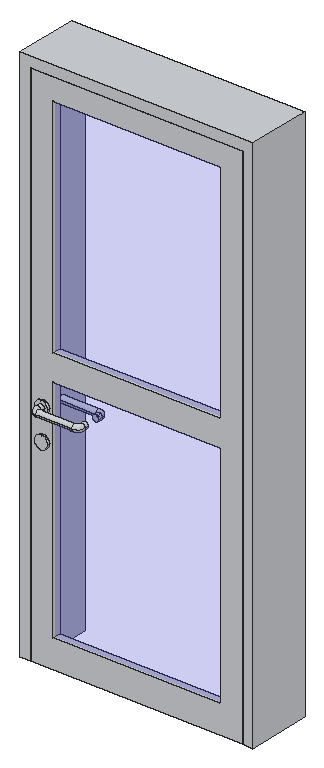
Revit family "Porta de entrada única sem revestimento", category Portas, Revit 2019
Family settings
  Hospedeiro = Parede
  Número OmniClass = 23.30.10.00
  Título OmniClass = Doors
  Sempre na vertical = Sim
  Corte com vazios quando carregada = Não
  Compartilhado = Não
  Ponto de cálculo do ambiente = Não
Parameters (values of type "900 x 2100mm")
  W1 = Width - 2 * Largura da estrutura + 20 mm  # 820 mm
  Visual Light Transmittance = 0
  Espessura = 35 mm
  Solar Heat Gain Coefficient = 0
  Rough Width = Width  # 900 mm
  Rough Height = Height  # 2100 mm
  Material do painel = none
  Largura da moldura do painel = 75 mm
  ID do tipo de construção = ""
  Coeficiente de transferência de calor (U) = 3.7021 W/(m²·K)
  Material do puxador = none
  Vidro = none
  Função = Exterior
  Largura da estrutura = 50 mm
  Height = 2100 mm
  Fechamento da parede = Por hospedeiro
  Width = 900 mm
  Material da moldura = none
  Construção analítica = Metal
Types (5, lengths in mm): name | W1 | Rough Width | Width
  (no name) | 820 | 900 | 900
  900 x 2100mm | 820 | 900 | 900
  800 x 2100mm | 720 | 800 | 800
  700 x 2100mm | 620 | 700 | 700
  600 x 2100mm | 520 | 600 | 600
Reference planes
  plane 1 "Centro (Frente/Trás)": y = 0
  plane 2 "Centro (Esquerda/Direita)": x = 0
  plane 3 "Esquerda": x = -450
  plane 4 "Direita": x = 450
  plane 5: z = 2100
  plane 6 "Exterior": y = 125
  plane 7 "Interior": y = -125
  plane 8: z = 1050
  plane 9: z = 0
  plane 10: z = 1100
  plane 11: z = 1000
  plane 12: y = -90
  plane 13: z = 110
  plane 14: x = 325
  plane 15: x = -325
  plane 16: x = 400
  plane 17: x = -400
  plane 18: z = 1975
  plane 19: x = 365
  plane 20: x = -365
  plane 21 "Vidro": y = -107.5
  plane 22: z = 2015
  plane 23: x = -365
  plane 24: z = 1060
  plane 25: z = 1040
  plane 26: z = 70
  plane 27: z = 2050
  plane 28: x = -375
  plane 29: x = 375
  plane 30: x = -375
  plane 31: z = 2025
  plane 32: z = 1025
  plane 33: x = -362.5
  plane 34: z = 900
Forms (mm)
  Extrusion 1, solid, material <- "Material do painel", detail levels medium
    sketch origin (0, -125, 0) x (1, 0, 0) y (0, 0, 1)
      loop
        line (400, 2050) -> (-400, 2050) -> (-400, 0) -> (400, 0) -> (400, 2050)
      loop
        line (325, 1975) -> (-325, 1975) -> (-325, 1100) -> (325, 1100) -> (325, 1975)
      loop
        line (325, 110) -> (325, 1000) -> (-325, 1000) -> (-325, 110) -> (325, 110)
    from -35 to 0
  Extrusion 2, solid, material <- "Vidro", detail levels medium+fine
    sketch origin (0, -107.5, 0) x (-1, 0, 0) y (0, 0, 1)
      loop
        line (365, 70) -> (365, 1040) -> (-365, 1040) -> (-365, 70) -> (365, 70)
      loop
        line (365, 1060) -> (365, 2015) -> (-365, 2015) -> (-365, 1060) -> (365, 1060)
    from -7 to 7
  Extrusion 3, solid, material <- "Vidro", detail levels fine
    sketch origin (0, -107.5, 0) x (-1, 0, 0) y (0, 0, 1)
      loop
        line (365, 70) -> (365, 1040) -> (-365, 1040) -> (-365, 70) -> (365, 70)
      loop
        line (365, 1060) -> (365, 2015) -> (-365, 2015) -> (-365, 1060) -> (365, 1060)
    from -7 to 7
  Extrusion 4, solid, material <- "Material do painel", detail levels coarse
    sketch origin (0, -125, 0) x (1, 0, 0) y (0, 0, 1)
      loop
        line (450, 2100) -> (-450, 2100) -> (-450, 0) -> (450, 0) -> (450, 2100)
      loop
        line (375, 2025) -> (-375, 2025) -> (-375, 1100) -> (375, 1100) -> (375, 2025)
      loop
        line (375, 110) -> (375, 1000) -> (-375, 1000) -> (-375, 110) -> (375, 110)
    from -35 to 0
  Extrusion 5, solid, material <- "Vidro", detail levels coarse
    sketch origin (0, -107.5, 0) x (-1, 0, 0) y (0, 0, 1)
      loop
        line (375, 70) -> (375, 1040) -> (-375, 1040) -> (-375, 70) -> (375, 70)
      loop
        line (375, 1060) -> (375, 2025) -> (-375, 2025) -> (-375, 1060) -> (375, 1060)
    from -7 to 7
  Sweep 6, solid, material <- "Material da moldura", detail levels medium
    path origin (0, -125, 0) x (1, 0, 0) y (0, 0, 1)
      loop
        line (-450, 0) -> (-450, 2100) -> (450, 2100) -> (450, 0)
    profile origin (450, -125, 1050) x (0, -1, 0) y (1, 0, 0)
      loop
        line (-250, -50) -> (0, -50) -> (0, 0) -> (-250, 0) -> (-250, -50)
  Sweep 7, solid, material <- "Material da moldura", detail levels fine
    path origin (0, -125, 0) x (1, 0, 0) y (0, 0, 1)
      loop
        line (-450, 0) -> (-450, 2100) -> (450, 2100) -> (450, 0)
    profile origin (450, -125, 1050) x (0, -1, 0) y (1, 0, 0)
      loop
        line (-250, -50) -> (-38, -50) -> (-38, -40) -> (0, -40) -> (0, 0) -> (-250, 0) -> (-250, -50)
  Extrusion 8, solid, material <- "Material do painel", detail levels fine
    sketch origin (0, -125, 0) x (1, 0, 0) y (0, 0, 1)
      loop
        line (410, 2060) -> (-410, 2060) -> (-410, 0) -> (410, 0) -> (410, 2060)
      loop
        line (325, 1975) -> (-325, 1975) -> (-325, 1100) -> (325, 1100) -> (325, 1975)
      loop
        line (325, 110) -> (325, 1000) -> (-325, 1000) -> (-325, 110) -> (325, 110)
    from -35 to 0
Lines and regions (mm)
  Opening 1
    outline origin (-3050, -125, 0) x (1, 0, 0) y (0, 0, 1)
      loop
        line (2600, 0) -> (3500, 0) -> (3500, 2100) -> (2600, 2100) -> (2600, 0)
  symbolic lines, style "DoorsGlassProjection", detail levels medium
    curve 1: line (0, -107.5, 1975) -> (0, -107.5, 1100)
    curve 6: line (0, -107.5, 1000) -> (0, -107.5, 110)
  symbolic lines, style "DoorsGlassProjection", detail levels fine
    curve 2: line (0, -114.5, 1975) -> (0, -114.5, 1100)
    curve 3: line (0, -100.5, 1975) -> (0, -100.5, 1100)
    curve 4: line (0, -114.5, 1000) -> (0, -114.5, 110)
    curve 5: line (0, -100.5, 1000) -> (0, -100.5, 110)
  symbolic lines, style "Giro da elevação", detail levels coarse
    curve 7: line (-450, -125, 1050) -> (450, -125, 2100)
    curve 8: line (-450, -125, 1050) -> (450, -125, 0)
  symbolic lines, style "Giro da elevação", detail levels medium+fine
    curve 9: line (400, -125, 2050) -> (-400, -125, 1025)
    curve 10: line (400, -125, 0) -> (-400, -125, 1025)
Text (mm)
  text "Externo" at (-2295.016, 1099.543, 0), in view "Nível de referência"
  text "Externo" at (0, 1615.38, 3698.081), in view "Esquerda"
  text "Externo" at (0, 1036.032, 3874.932), in view "Direita"
Dimensions and locks
  equal spacing: plane 3 "Esquerda", plane 2 "Centro (Esquerda/Direita)", plane 4 "Direita"
  "Width": plane 3 "Esquerda" to plane 4 "Direita"
  "Height": host wall to plane 5
  host wall to plane 5 = 2100 mm
  locked: plane 6 "Exterior" to host wall at 0
  locked: plane 7 "Interior" to host wall
  equal spacing: plane 9, plane 8, plane 5
  equal spacing: plane 11, plane 8, plane 10
  locked: plane 11 to plane 10 at 100
  "Espessura": plane 12 to plane 7 "Interior"
  locked: plane 9 to plane 13 at 110
  "Largura da estrutura": plane 16 to plane 4 "Direita"
  "Largura da estrutura": plane 3 "Esquerda" to plane 17
  locked: plane 14 to plane 19 at 40
  equal spacing: plane 12, plane 21 "Vidro", plane 7 "Interior"
  locked: plane 23 to plane 15 at 40
  plane 7 "Interior" to plane 6 "Exterior" = 250 mm
  "Largura da estrutura": plane 5 to plane 27
  locked: plane 18 to plane 22 at 40
  locked: plane 24 to plane 10 at 40
  locked: plane 11 to plane 25 at 40
  equal spacing: curve 3, plane 21 "Vidro", curve 2
  locked: curve 3 to curve 2 at 14
  "Largura da moldura do painel": plane 17 to plane 15
  "Largura da moldura do painel": plane 14 to plane 16
  "Largura da moldura do painel": plane 18 to plane 27
  locked: plane 26 to plane 13 at 40
  "Largura da moldura do painel": plane 29 to plane 4 "Direita"
  "Largura da moldura do painel": plane 3 "Esquerda" to plane 30
  "Largura da moldura do painel": plane 31 to plane 5
  equal spacing: plane 9, plane 32, plane 27
  equal spacing: plane 17, plane 33, plane 15
  locked: plane 16 to Sweep 7 sketch curve at 10
  locked: Sweep 7 sketch curve to plane 12 at 3
  locked: plane 9 to plane 34 at 900
  aligned and locked: plane 3 "Esquerda" to Opening 1 sketch curve
  aligned and locked: plane 5 to Opening 1 sketch curve  (x2)
  aligned and locked: Opening 1 sketch curve to plane 4 "Direita"
  aligned and locked: Opening 1 sketch curve to level
  aligned and locked: plane 1 "Centro (Frente/Trás)" to host wall
  aligned and locked: level to plane 9
  aligned and locked: plane 7 "Interior" to Extrusion 1
  aligned and locked: plane 12 to Extrusion 1
  aligned and locked: Extrusion 1 sketch curve to plane 18
  aligned and locked: Extrusion 1 sketch curve to plane 14  (x2)
  aligned and locked: Extrusion 1 sketch curve to plane 15  (x2)
  aligned and locked: Extrusion 1 sketch curve to plane 10
  aligned and locked: Extrusion 1 sketch curve to plane 11
  aligned and locked: plane 13 to Extrusion 1 sketch curve
  aligned and locked: plane 26 to Extrusion 2 sketch curve
  aligned and locked: plane 23 to Extrusion 2 sketch curve  (x2)
  aligned and locked: plane 25 to Extrusion 2 sketch curve
  aligned and locked: plane 19 to Extrusion 2 sketch curve  (x2)
  aligned and locked: plane 24 to Extrusion 2 sketch curve
  aligned and locked: Extrusion 2 sketch curve to plane 22
  aligned and locked: plane 9 to Extrusion 1 sketch curve
  aligned and locked: nested 1 to plane 21 "Vidro"
  aligned: plane 8 to nested 1
  aligned: nested 1 to plane 19
  aligned and locked: plane 21 "Vidro" to curve 1
  aligned and locked: Extrusion 3 sketch curve to plane 23  (x2)
  aligned and locked: Extrusion 1 sketch curve to plane 16
  aligned and locked: Extrusion 1 sketch curve to plane 17
  aligned and locked: Extrusion 1 sketch curve to plane 27
  aligned and locked: plane 4 "Direita" to Extrusion 4 sketch curve
  aligned and locked: plane 29 to Extrusion 4 sketch curve  (x2)
  aligned and locked: plane 5 to Extrusion 4 sketch curve
  aligned and locked: plane 31 to Extrusion 4 sketch curve
  aligned and locked: Extrusion 4 sketch curve to plane 3 "Esquerda"
  aligned and locked: plane 30 to Extrusion 4 sketch curve  (x2)
  aligned and locked: plane 29 to Extrusion 5 sketch curve  (x2)
  aligned and locked: plane 31 to Extrusion 5 sketch curve
  aligned and locked: plane 30 to Extrusion 5 sketch curve  (x2)
  aligned and locked: nested 2 to plane 7 "Interior"
  aligned and locked: nested 2 to plane 4 "Direita"
  aligned and locked: plane 33 to nested 1
  aligned and locked: plane 4 "Direita" to Sweep 6 sketch curve  (x2)
  aligned and locked: plane 5 to Sweep 6 sketch curve
  aligned and locked: plane 3 "Esquerda" to Sweep 6 sketch curve
  aligned and locked: plane 6 "Exterior" to Sweep 6 sketch curve
  aligned and locked: Sweep 6 sketch curve to plane 7 "Interior"
  aligned and locked: plane 16 to Sweep 6 sketch curve
  aligned and locked: plane 4 "Direita" to Sweep 7 sketch curve  (x2)
  aligned and locked: plane 5 to Sweep 7 sketch curve
  aligned and locked: plane 3 "Esquerda" to Sweep 7 sketch curve
  aligned and locked: plane 6 "Exterior" to Sweep 7 sketch curve
  aligned and locked: plane 16 to Sweep 7 sketch curve
  aligned and locked: Sweep 7 sketch curve to plane 7 "Interior"
  aligned and locked: Extrusion 8 sketch curve to Sweep 7  (x3)
  aligned and locked: plane 12 to Extrusion 8
  aligned and locked: plane 12 to Extrusion 4
  aligned and locked: plane 18 to curve 1
  aligned and locked: plane 34 to nested 1
Automatic sketch dimensions
  plane 3 "Esquerda" to curve 8 = 0 mm
  plane 17 to curve 9 = 0 mm
  curve 9 to plane 16 = 0 mm
  curve 10 to level = 0 mm
  curve 10 to plane 16 = 0 mm
  curve 8 to level = 0 mm
  plane 4 "Direita" to curve 8 = 0 mm
  plane 4 "Direita" to curve 7 = 0 mm
  curve 10 to plane 32 = 0 mm
  curve 8 to plane 8 = 0 mm
  curve 9 to plane 27 = 0 mm
  curve 7 to plane 5 = 0 mm
  plane 19 to Extrusion 3 sketch curve = 0 mm  (x2)
  Extrusion 3 sketch curve to plane 26 = 0 mm
  Extrusion 3 sketch curve to plane 25 = 0 mm
  Extrusion 3 sketch curve to plane 24 = 0 mm
  Extrusion 3 sketch curve to plane 22 = 0 mm
  Extrusion 4 sketch curve to level = 0 mm
  Extrusion 4 sketch curve to plane 13 = 0 mm
  Extrusion 4 sketch curve to plane 11 = 0 mm
  Extrusion 4 sketch curve to plane 10 = 0 mm
  Extrusion 5 sketch curve to plane 26 = 0 mm
  Extrusion 5 sketch curve to plane 25 = 0 mm
  Extrusion 5 sketch curve to plane 24 = 0 mm
  Sweep 6 sketch curve to level = 0 mm  (x2)
  Sweep 7 sketch curve to level = 0 mm  (x2)
  Extrusion 8 sketch curve to plane 10 = 0 mm
  plane 15 to Extrusion 8 sketch curve = 0 mm  (x2)
  Extrusion 8 sketch curve to plane 11 = 0 mm
  Extrusion 8 sketch curve to plane 14 = 0 mm  (x2)
  Extrusion 8 sketch curve to level = 0 mm
  Extrusion 8 sketch curve to plane 13 = 0 mm
  Extrusion 8 sketch curve to plane 18 = 0 mm
  curve 4 to plane 13 = 0 mm
  curve 4 to plane 11 = 0 mm
  curve 6 to plane 11 = 0 mm
  curve 6 to plane 21 "Vidro" = 0 mm
  curve 5 to plane 13 = 0 mm
  curve 5 to plane 11 = 0 mm
  curve 6 to plane 13 = 0 mm
  curve 1 to plane 10 = 0 mm
  curve 2 to plane 10 = 0 mm
  curve 3 to plane 10 = 0 mm
  curve 2 to plane 18 = 0 mm
  curve 3 to plane 18 = 0 mm
  curve 4 to curve 6 = 7 mm
  plane 21 "Vidro" to curve 5 = 7 mm
Nested families
  nested 1: "Maçaneta da porta 1" at (-362.5, -113.114, 730), type "Puxador horizontal", detail levels fine
  nested 2: "Porta única_Giro da planta 2" at (-450, -125, 0) x (-1, 0, 0) z (0, 0, 1), type "Porta única_Giro da planta 2"
Definition of nested family "Maçaneta da porta 1"
  Parameters
    Espessura do painel = 35 mm
    Distância do furo da trava = 120 mm
    Com furo para trava = yes
    Material do puxador = none
    Function = (empty or 0)
  Reference planes
    plane 1 "Centro (Frente/Trás)": y = 5.614
    plane 2: z = 0
    plane 3 "Centro (Esquerda/Direita)": x = 0
    plane 4 "Topo do puxador": z = 170
    plane 5: z = 50
    plane 6: y = -11.886
    plane 7: y = 23.114
  Forms (mm)
    Extrusion 1, solid, material <- "Material do puxador"
      sketch origin (0, 5.614, 0) x (1, 0, 0) y (0, 0, 1)
        loop
          circle (0, 170) r 25
      from 17.5 to 25.5
    Extrusion 2, solid, material <- "Material do puxador", visible <- "Com furo para trava"
      sketch origin (0, 0, -120) x (1, 0, 0) y (0, 0, 1)
        loop
          circle (0, 170) r 25
      from 11.886 to 19.886
    Sweep 3, solid, material <- "Material do puxador"
      path origin (0, 0, 1000) x (0, -1, 0) y (1, 0, 0)
        loop
          line (19.886, 0) -> (36.886, 0)
          arc (36.886, 0) -> (47.493, 4.393) -> (51.886, 15) r 15
          line (51.886, 15) -> (51.886, 155)
          arc (51.886, 155) -> (47.493, 165.607) -> (36.886, 170) r 15
          line (36.886, 170) -> (21.886, 170)
      profile origin (0, -28.386, 0) x (1, 0, 0) y (0, 0, 1)
        loop
          circle (0, 170) r 12
    Extrusion 4, solid, material <- "Material do puxador"
      sketch origin (0, 5.614, 0) x (1, 0, 0) y (0, 0, -1)
        loop
          circle (0, -170) r 25
      from 17.5 to 25.5
    Extrusion 5, solid, material <- "Material do puxador", visible <- "Com furo para trava"
      sketch origin (0, 11.228, -120) x (1, 0, 0) y (0, 0, -1)
        loop
          circle (0, -170) r 25
      from 11.886 to 19.886
    Sweep 6, solid, material <- "Material do puxador"
      path origin (0, 11.228, 1000) x (0, -1, 0) y (1, 0, 0)
        loop
          line (-19.886, 0) -> (-36.886, 0)
          arc (-36.886, 0) -> (-47.493, 4.393) -> (-51.886, 15) r 15
          line (-51.886, 15) -> (-51.886, 155)
          arc (-51.886, 155) -> (-47.493, 165.607) -> (-36.886, 170) r 15
          line (-36.886, 170) -> (-21.886, 170)
      profile origin (0, 39.614, 0) x (-1, 0, 0) y (0, 0, 1)
        loop
          circle (0, 170) r 12
  Dimensions and locks
    "Distância do furo da trava": plane 4 "Topo do puxador" to plane 5
    locked: Sweep 3 sketch curve to Sweep 3 sketch curve at 170
    locked: plane 4 "Topo do puxador" to plane 2 at 170
    equal spacing: plane 7, plane 1 "Centro (Frente/Trás)", plane 6
    "Espessura do painel": plane 7 to plane 6
    locked: Extrusion 2 to Extrusion 2 at 8
    locked: Extrusion 1 to Extrusion 1 at 8
    locked: plane 6 to Sweep 3 sketch curve at 25
    locked: plane 6 to Sweep 3 sketch curve at 40
    locked: Sweep 6 sketch curve to Sweep 6 sketch curve at 170
    locked: Extrusion 5 to Extrusion 5 at 8
    locked: Extrusion 4 to Extrusion 4 at 8
    locked: plane 7 to Sweep 6 sketch curve at 40
    locked: Sweep 6 sketch curve to plane 7 at 25
    locked: Sweep 6 sketch curve to Sweep 6 sketch curve at 15
    locked: Sweep 6 sketch curve to plane 7 at 10
    plane 6 to Sweep 3 sketch curve to Sweep 3 sketch curve = 10 mm locked, 15 mm locked
    radius of Sweep 3 sketch curve = 15 mm  (x2)
    radius of Extrusion 2 sketch curve = 25 mm
    radius of Sweep 3 sketch curve = 12 mm
    radius of Sweep 6 sketch curve = 15 mm  (x2)
    radius of Extrusion 5 sketch curve = 25 mm
    radius of Sweep 6 sketch curve = 12 mm
    radius of Extrusion 4 sketch curve = 25 mm
    aligned and locked: plane 4 "Topo do puxador" to Sweep 3 sketch curve
    aligned and locked: plane 3 "Centro (Esquerda/Direita)" to Sweep 3 sketch curve
    aligned and locked: plane 3 "Centro (Esquerda/Direita)" to Extrusion 2 sketch curve
    aligned and locked: plane 6 to Extrusion 2
    aligned and locked: plane 3 "Centro (Esquerda/Direita)" to Extrusion 1 sketch curve
    aligned and locked: plane 4 "Topo do puxador" to Extrusion 1 sketch curve
    aligned and locked: plane 6 to Extrusion 1
    aligned and locked: Extrusion 1 to plane 6
    aligned and locked: Extrusion 4 to plane 7
    aligned and locked: Extrusion 5 to plane 7
    aligned and locked: plane 5 to Extrusion 5 sketch curve
    aligned and locked: plane 3 "Centro (Esquerda/Direita)" to Extrusion 5 sketch curve
    aligned and locked: plane 4 "Topo do puxador" to Extrusion 4 sketch curve
    aligned and locked: plane 3 "Centro (Esquerda/Direita)" to Extrusion 4 sketch curve
    aligned and locked: Extrusion 4 to Sweep 6 sketch curve
    aligned and locked: Extrusion 1 to Sweep 3 sketch curve
  Automatic sketch dimensions
    Extrusion 2 sketch curve to plane 5 = 0 mm
    Sweep 3 sketch curve to plane 3 "Centro (Esquerda/Direita)" = 0 mm
    Sweep 6 sketch curve to plane 3 "Centro (Esquerda/Direita)" = 0 mm
    Sweep 6 sketch curve to profile plane = 0 mm
    radius of Extrusion 1 sketch curve = 25 mm
Definition of nested family "Porta única_Giro da planta 2"
  Parameters
    Width = 900 mm
    Thickness = 35 mm
    Rough Width = Width  # 900 mm
    Rough Height = Height  # 2100 mm
    Largura da moldura do painel = 75 mm
    Height = 2100 mm
    Largura da estrutura = 50 mm
  Reference planes
    plane 1 "Centro (Frente/Trás)": y = 0
    plane 2: z = 0
    plane 3 "Centro (Esquerda/Direita)": x = 0
    plane 4: x = -900
    plane 5: x = -865
    plane 6: y = 900
    plane 7: y = 850
    plane 8: y = 75
    plane 9: x = -882.5
    plane 10: y = 35
    plane 11: y = 890
    plane 12: x = -850
    plane 13: x = -815
    plane 14: y = 800
    plane 15: y = 725
    plane 16: y = 785
    plane 17: x = -832.5
    plane 18: z = 2100
    plane 19: x = -50
    plane 20: y = 825
    plane 21: x = -860
    plane 22: y = 745
    plane 23: x = -842.5
  Lines and regions (mm)
    Masking region 1, detail levels medium
      outline origin (80, -75, 0) x (1, 0, 0) y (0, 1, 0)
        loop
          line (-930, 875) -> (-930, 75) -> (-895, 75) -> (-895, 875) -> (-930, 875)
    Masking region 2, detail levels coarse
      outline origin (0, 0, 0) x (1, 0, 0) y (0, 1, 0)
        loop
          line (-900, 900) -> (-900, 0) -> (-865, 0) -> (-865, 900) -> (-900, 900)
    Masking region 3, detail levels fine
      outline origin (0, 0, 0) x (1, 0, 0) y (0, 1, 0)
        loop
          line (-860, 820) -> (-860, 0) -> (-825, 0) -> (-825, 820) -> (-860, 820)
    symbolic lines, detail levels coarse
      curve 1: line (-900, 0, 0) -> (-900, 75, 0)
      curve 2: line (-865, 900, 0) -> (-865, 825, 0)
      curve 3: line (-865, 0, 0) -> (-900, 0, 0)
      curve 7: line (-865, 900, 0) -> (-900, 900, 0)
      curve 15: arc (-900, 900, 0) -> (-263.604, 636.396, 0) -> (0, 0, 0) r 900
      curve 17: line (-900, 825, 0) -> (-900, 900, 0)
      curve 18: line (-900, 75, 0) -> (-900, 825, 0)
      curve 19: line (-865, 75, 0) -> (-865, 0, 0)
      curve 20: line (-865, 825, 0) -> (-865, 75, 0)
      curve 35: line (-865, 825, 0) -> (-900, 825, 0)
      curve 36: line (-865, 75, 0) -> (-900, 75, 0)
    symbolic lines, detail levels medium
      curve 4: line (-850, 800, 0) -> (-815, 800, 0)
      curve 5: line (-815, 800, 0) -> (-815, 725, 0)
      curve 6: line (-815, 0, 0) -> (-850, 0, 0)
      curve 12: line (-850, 75, 0) -> (-815, 75, 0)
      curve 13: line (-815, 725, 0) -> (-850, 725, 0)
      curve 14: line (-832.5, 725, 0) -> (-832.5, 75, 0)
      curve 21: line (-850, 0, 0) -> (-850, 800, 0)
      curve 22: line (-815, 725, 0) -> (-815, 75, 0)
      curve 24: arc (-50, 0, 0) -> (-284.315, 565.685, 0) -> (-850, 800, 0) r 800
      curve 33: line (-815, 75, 0) -> (-815, 0, 0)
    symbolic lines, detail levels fine
      curve 8: line (-835.5, 785, 0) -> (-835.5, 35, 0)
      curve 9: line (-849.5, 35, 0) -> (-849.5, 785, 0)
      curve 10: line (-835.5, 35, 0) -> (-849.5, 35, 0)
      curve 11: line (-849.5, 785, 0) -> (-835.5, 785, 0)
      curve 23: line (-849.5, 75, 0) -> (-850, 75, 0)
      curve 25: line (-860, 0, 0) -> (-860, 820, 0)
      curve 26: line (-825, 820, 0) -> (-825, 0, 0)
      curve 27: line (-860, 820, 0) -> (-825, 820, 0)
      curve 28: line (-849.5, 745, 0) -> (-860, 745, 0)
      curve 29: line (-835.5, 745, 0) -> (-825, 745, 0)
      curve 30: line (-825, 0, 0) -> (-860, 0, 0)
      curve 31: line (-835.5, 75, 0) -> (-825, 75, 0)
      curve 32: line (-860, 75, 0) -> (-849.5, 75, 0)
      curve 34: arc (-860, 820, 0) -> (-280.172, 579.828, 0) -> (-40, 0, 0) r 820
    model lines
      curve 16: line (-900, 0, 0) -> (-900, 0, 2100)
  Dimensions and locks
    "Thickness": plane 4 to plane 5
    "Largura da estrutura": plane 6 to plane 7
    locked: plane 8 to plane 10 at 40
    locked: plane 11 to plane 7 at 40
    "Largura da estrutura": plane 4 to plane 12
    "Thickness": plane 12 to plane 13
    "Largura da moldura do painel": plane 14 to plane 15
    "Width": plane 1 "Centro (Frente/Trás)" to plane 6
    equal spacing: plane 12, plane 17, plane 13
    equal spacing: plane 4, plane 9, plane 5
    "Width": plane 4 to plane 3 "Centro (Esquerda/Direita)"
    "Largura da moldura do painel": plane 8 to plane 1 "Centro (Frente/Trás)"
    "Height": plane 18 to plane 2
    "Largura da estrutura": plane 19 to plane 3 "Centro (Esquerda/Direita)"
    "Largura da moldura do painel": plane 6 to plane 20
    equal spacing: plane 6, plane 7, plane 14
    locked: curve 26 to plane 13 at 10
    locked: plane 21 to plane 12 at 10
    locked: plane 14 to curve 27 at 20
    locked: plane 22 to plane 15 at 20
    locked: plane 16 to plane 22 at 40
    locked: plane 23 to plane 17 at 10
    equal spacing: curve 9, plane 23, curve 8
    locked: curve 9 to curve 8 at 14
    aligned and locked: level to plane 2
    aligned and locked: curve 2 to plane 5
    aligned and locked: curve 1 to plane 4
    aligned and locked: Masking region 1 sketch curve to plane 14
    aligned and locked: curve 5 to plane 13
    aligned and locked: curve 6 to plane 1 "Centro (Frente/Trás)"
    aligned and locked: Masking region 2 sketch curve to plane 1 "Centro (Frente/Trás)"
    aligned and locked: Masking region 2 sketch curve to plane 4
    aligned and locked: Masking region 2 sketch curve to plane 5
    aligned and locked: Masking region 2 sketch curve to plane 6
    aligned and locked: plane 6 to curve 17
    aligned and locked: Masking region 1 sketch curve to plane 13
    aligned and locked: plane 12 to Masking region 1 sketch curve
    aligned and locked: Masking region 1 sketch curve to plane 1 "Centro (Frente/Trás)"
    aligned and locked: plane 6 to curve 2
    aligned and locked: plane 14 to Masking region 1
    aligned and locked: plane 6 to Masking region 2
    aligned and locked: Masking region 2 to plane 4
    aligned and locked: plane 5 to Masking region 2
    aligned and locked: Masking region 1 to plane 12
    aligned and locked: plane 13 to Masking region 1
    aligned and locked: curve 3 to plane 1 "Centro (Frente/Trás)"
    aligned and locked: plane 1 "Centro (Frente/Trás)" to Masking region 1
    aligned and locked: curve 12 to plane 8
    aligned and locked: plane 15 to curve 13
    aligned and locked: plane 18 to curve 16
    aligned and locked: curve 4 to plane 14
    aligned and locked: curve 33 to plane 13
    aligned and locked: Masking region 3 sketch curve to curve 25
    aligned and locked: curve 26 to Masking region 3 sketch curve
    aligned and locked: Masking region 3 sketch curve to curve 30
    aligned and locked: plane 10 to curve 10
    aligned and locked: Masking region 3 to plane 21
    aligned and locked: Masking region 3 to curve 27
    aligned and locked: plane 22 to curve 28
    aligned and locked: curve 29 to plane 22
    aligned and locked: plane 21 to curve 34  (x2)
    aligned and locked: plane 1 "Centro (Frente/Trás)" to curve 34  (x2)
    aligned and locked: plane 17 to curve 14
    aligned and locked: plane 20 to curve 35
    aligned and locked: curve 35 to plane 4
    aligned and locked: plane 5 to curve 35
    aligned and locked: plane 8 to curve 36
    aligned and locked: plane 4 to curve 36
    aligned and locked: plane 5 to curve 36
  Automatic sketch dimensions
    plane 4 to curve 16 = 0 mm
    curve 16 to level = 0 mm
    plane 14 to Masking region 3 sketch curve = 20 mm
    curve 6 to plane 12 = 0 mm
    curve 12 to plane 12 = 0 mm
    plane 1 "Centro (Frente/Trás)" to curve 24 = 0 mm
    plane 1 "Centro (Frente/Trás)" to curve 15 = 0 mm
    plane 1 "Centro (Frente/Trás)" to curve 30 = 0 mm
    curve 32 to plane 8 = 0 mm
    curve 31 to plane 8 = 0 mm
    curve 8 to plane 16 = 0 mm
